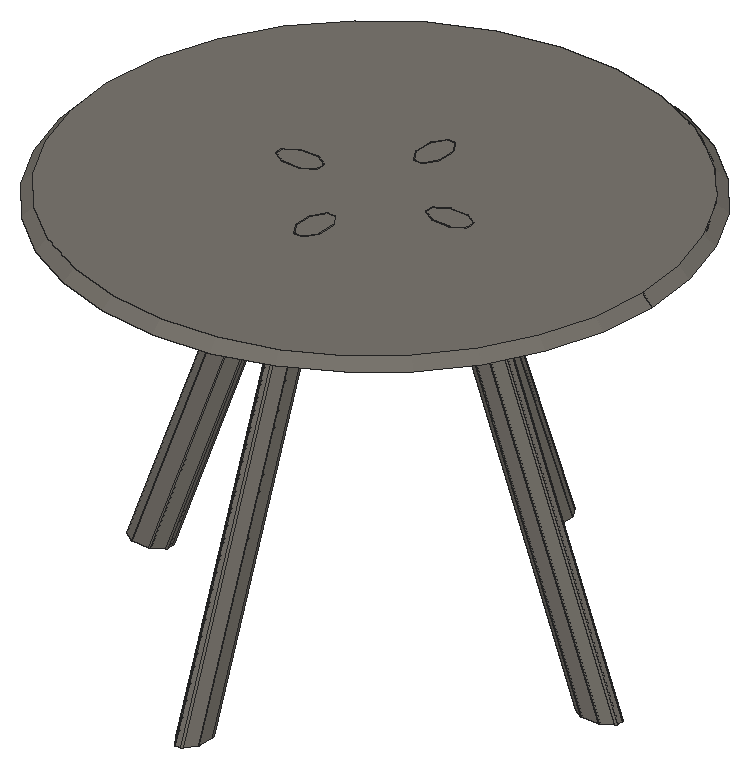
Revit family "Table-Work-Teknion-STBSR_Qui_Without_Power-R2014", category Furniture, Revit 2014 (continued)
Definition of nested family "Table-Work-Teknion-STBSR_Square_Qui-R2013"
  Automatic sketch dimensions
    Blend 7 sketch curve to Blend 7 sketch curve = 0.74357"  (x4)
    Blend 7 sketch curve to Blend 7 sketch curve = 0.07277"  (x5)
    Blend 7 sketch curve to Blend 7 sketch curve = 0.76393"  (x4)
    Blend 7 sketch curve to Blend 7 sketch curve = 0.14626"  (x5)
    Blend 7 sketch curve to Blend 7 sketch curve = 0.10607"  (x7)
    Blend 7 sketch curve to Blend 7 sketch curve = 0.03329"  (x4)
    plane 1 "Center F/B" to Blend 7 sketch curve = 4.76418"
    Blend 7 sketch curve to plane 3 "Center L/R" = 6.99659"
    Blend 7 sketch curve to plane 3 "Center L/R" = 5.72184"
    Blend 7 sketch curve to plane 3 "Center L/R" = 5.79461"
    Blend 7 sketch curve to plane 3 "Center L/R" = 6.55854"
Definition of nested family "Table-Work-Teknion-STBSR_Round_Qui-R2013"
  Parameters (values of type "25.5" High")
    Width = Diameter  # 36.000"
    Warranty = "http://www.teknionstudio.com/pdfs/Teknion%20Studio%20Warranty.pdf"
    Unit Weight = 0.00 lbf
    URL = "www.teknionstudio.com"
    Table Finish [instance] = none
    Series = "Studio"
    Radius 4 = 8.175"
    Radius 3 = 7.175"
    Radius 2 = Radius - 0.625"  # 17.375"
    Radius = Diameter / 2  # 18.000"
    Product Line = "Qui"
    Product Documentation Link = "http://www.teknionstudio.com/pricing/STBSR_ppg.pdf"
    Part Number = "STBSR"
    Model = "STBSRB25"
    Manufacturer Phone = "919-464-2920"
    Manufacturer Fax = "919-464-2927"
    Manufacturer Email = "customersupport@teknionstudio.com"
    Manufacturer Address = "3941 US 70 Business HWY West, Clayton, NC 27520"
    Manufacturer = "Teknion Studio"
    Low Emitting Material = yes
    Low Emitting Finish = yes
    Height = 25.500"
    Diameter = 36.000"
    Description = "Qui Work Table, Round 36\"dia / 91cm, 25.5\"h / 65 cm"
    Depth = Diameter  # 36.000"
    Assembly Code = "E2020200"
  Reference planes (in)
    plane 1 "Center F/B": y = 0
    plane 2: z = 0
    plane 3 "Center L/R": x = 0
    plane 4 "Left": x = -18
    plane 5 "Right": x = 18
    plane 6 "Back": y = 18
    plane 7 "Front": y = -18
    plane 8 "Top": z = 25.5
    plane 9 "Table Base": z = 24.875
    plane 10 "Table Bottom": z = 23.375
    plane 11 "Leg Top": z = 25.525
  Forms (in)
    Blend 1, solid, material <- "Table Finish"
      base sketch origin (0, 0, 24.875) x (-1, 0, 0) y (0, -1, 0)
        loop
          circle (0, 0) r 18
      top sketch origin (0, 0, 25.5) x (-1, 0, 0) y (0, -1, 0)
        loop
          circle (0, 0) r 17.375
      from 0 to 0
    Blend 2, solid, material <- "Table Finish"
      base sketch origin (0, 0, 23.375) x (-1, 0, 0) y (0, -1, 0)
        loop
          circle (0, 0) r 7.175
      top sketch origin (0, 0, 23.375) x (-1, 0, 0) y (0, -1, 0)
        loop
          circle (0, 0) r 8.175
      from 0 to 1.5
    Blend 3, solid, material <- "Table Finish"
      base sketch origin (0, 0, 25.525) x (-0.707107, -0.707107, 0) y (0.707107, -0.707107, 0)
        loop
          arc (-9.49721, -9.23872) -> (-9.56171, -9.20066) -> (-9.63657, -9.19853) r 0.15
          line (-9.63657, -9.19853) -> (-10.4005, -9.37242)
          arc (-10.4005, -9.37242) -> (-10.43973, -9.38738) -> (-10.47328, -9.41262) r 0.15
          line (-10.47328, -9.41262) -> (-11.21685, -10.15619)
          arc (-11.21685, -10.15619) -> (-11.24209, -10.18973) -> (-11.25704, -10.22896) r 0.15
          line (-11.25704, -10.22896) -> (-11.43094, -10.99289)
          arc (-11.43094, -10.99289) -> (-11.4288, -11.06776) -> (-11.39074, -11.13225) r 0.15
          line (-11.39074, -11.13225) -> (-11.13225, -11.39074)
          arc (-11.13225, -11.39074) -> (-11.06776, -11.4288) -> (-10.99289, -11.43094) r 0.15
          line (-10.99289, -11.43094) -> (-10.22896, -11.25704)
          arc (-10.22896, -11.25704) -> (-10.18973, -11.24209) -> (-10.15619, -11.21685) r 0.15
          line (-10.15619, -11.21685) -> (-9.41262, -10.47328)
          arc (-9.41262, -10.47328) -> (-9.38738, -10.43973) -> (-9.37242, -10.4005) r 0.15
          line (-9.37242, -10.4005) -> (-9.19853, -9.63657)
          arc (-9.19853, -9.63657) -> (-9.20066, -9.56171) -> (-9.23872, -9.49721) r 0.15
          line (-9.23872, -9.49721) -> (-9.49721, -9.23872)
      top sketch origin (0, 0, 25.525) x (-0.707107, -0.707107, 0) y (0.707107, -0.707107, 0)
        loop
          arc (-2.61921, -2.36072) -> (-2.68371, -2.32266) -> (-2.75857, -2.32053) r 0.15
          line (-2.75857, -2.32053) -> (-3.5225, -2.49442)
          arc (-3.5225, -2.49442) -> (-3.56173, -2.50938) -> (-3.59528, -2.53461) r 0.15
          line (-3.59528, -2.53461) -> (-4.33885, -3.27819)
          arc (-4.33885, -3.27819) -> (-4.36409, -3.31173) -> (-4.37904, -3.35096) r 0.15
          line (-4.37904, -3.35096) -> (-4.55294, -4.11489)
          arc (-4.55294, -4.11489) -> (-4.5508, -4.18975) -> (-4.51274, -4.25425) r 0.15
          line (-4.51274, -4.25425) -> (-4.25425, -4.51274)
          arc (-4.25425, -4.51274) -> (-4.18975, -4.5508) -> (-4.11489, -4.55294) r 0.15
          line (-4.11489, -4.55294) -> (-3.35096, -4.37904)
          arc (-3.35096, -4.37904) -> (-3.31173, -4.36409) -> (-3.27819, -4.33885) r 0.15
          line (-3.27819, -4.33885) -> (-2.53461, -3.59528)
          arc (-2.53461, -3.59528) -> (-2.50938, -3.56173) -> (-2.49442, -3.5225) r 0.15
          line (-2.49442, -3.5225) -> (-2.32053, -2.75857)
          arc (-2.32053, -2.75857) -> (-2.32266, -2.68371) -> (-2.36072, -2.61921) r 0.15
          line (-2.36072, -2.61921) -> (-2.61921, -2.36072)
      from -25.525 to -0.025
    Blend 4, solid, material <- "Table Finish"
      base sketch origin (0, 0, 25.525) x (-0.707107, 0.707107, 0) y (-0.707107, -0.707107, 0)
        loop
          arc (-9.49721, -9.23872) -> (-9.56171, -9.20066) -> (-9.63657, -9.19853) r 0.15
          line (-9.63657, -9.19853) -> (-10.4005, -9.37242)
          arc (-10.4005, -9.37242) -> (-10.43973, -9.38738) -> (-10.47328, -9.41262) r 0.15
          line (-10.47328, -9.41262) -> (-11.21685, -10.15619)
          arc (-11.21685, -10.15619) -> (-11.24209, -10.18973) -> (-11.25704, -10.22896) r 0.15
          line (-11.25704, -10.22896) -> (-11.43094, -10.99289)
          arc (-11.43094, -10.99289) -> (-11.4288, -11.06776) -> (-11.39074, -11.13225) r 0.15
          line (-11.39074, -11.13225) -> (-11.13225, -11.39074)
          arc (-11.13225, -11.39074) -> (-11.06776, -11.4288) -> (-10.99289, -11.43094) r 0.15
          line (-10.99289, -11.43094) -> (-10.22896, -11.25704)
          arc (-10.22896, -11.25704) -> (-10.18973, -11.24209) -> (-10.15619, -11.21685) r 0.15
          line (-10.15619, -11.21685) -> (-9.41262, -10.47328)
          arc (-9.41262, -10.47328) -> (-9.38738, -10.43973) -> (-9.37242, -10.4005) r 0.15
          line (-9.37242, -10.4005) -> (-9.19853, -9.63657)
          arc (-9.19853, -9.63657) -> (-9.20066, -9.56171) -> (-9.23872, -9.49721) r 0.15
          line (-9.23872, -9.49721) -> (-9.49721, -9.23872)
      top sketch origin (0, 0, 25.525) x (-0.707107, 0.707107, 0) y (-0.707107, -0.707107, 0)
        loop
          arc (-2.61921, -2.36072) -> (-2.68371, -2.32266) -> (-2.75857, -2.32053) r 0.15
          line (-2.75857, -2.32053) -> (-3.5225, -2.49442)
          arc (-3.5225, -2.49442) -> (-3.56173, -2.50938) -> (-3.59528, -2.53461) r 0.15
          line (-3.59528, -2.53461) -> (-4.33885, -3.27819)
          arc (-4.33885, -3.27819) -> (-4.36409, -3.31173) -> (-4.37904, -3.35096) r 0.15
          line (-4.37904, -3.35096) -> (-4.55294, -4.11489)
          arc (-4.55294, -4.11489) -> (-4.5508, -4.18975) -> (-4.51274, -4.25425) r 0.15
          line (-4.51274, -4.25425) -> (-4.25425, -4.51274)
          arc (-4.25425, -4.51274) -> (-4.18975, -4.5508) -> (-4.11489, -4.55294) r 0.15
          line (-4.11489, -4.55294) -> (-3.35096, -4.37904)
          arc (-3.35096, -4.37904) -> (-3.31173, -4.36409) -> (-3.27819, -4.33885) r 0.15
          line (-3.27819, -4.33885) -> (-2.53461, -3.59528)
          arc (-2.53461, -3.59528) -> (-2.50938, -3.56173) -> (-2.49442, -3.5225) r 0.15
          line (-2.49442, -3.5225) -> (-2.32053, -2.75857)
          arc (-2.32053, -2.75857) -> (-2.32266, -2.68371) -> (-2.36072, -2.61921) r 0.15
          line (-2.36072, -2.61921) -> (-2.61921, -2.36072)
      from -25.525 to -0.025
    Blend 5, solid, material <- "Table Finish"
      base sketch origin (0, 0, 25.525) x (0.707107, 0.707107, 0) y (-0.707107, 0.707107, 0)
        loop
          arc (-9.49721, -9.23872) -> (-9.56171, -9.20066) -> (-9.63657, -9.19853) r 0.15
          line (-9.63657, -9.19853) -> (-10.4005, -9.37242)
          arc (-10.4005, -9.37242) -> (-10.43973, -9.38738) -> (-10.47328, -9.41262) r 0.15
          line (-10.47328, -9.41262) -> (-11.21685, -10.15619)
          arc (-11.21685, -10.15619) -> (-11.24209, -10.18973) -> (-11.25704, -10.22896) r 0.15
          line (-11.25704, -10.22896) -> (-11.43094, -10.99289)
          arc (-11.43094, -10.99289) -> (-11.4288, -11.06776) -> (-11.39074, -11.13225) r 0.15
          line (-11.39074, -11.13225) -> (-11.13225, -11.39074)
          arc (-11.13225, -11.39074) -> (-11.06776, -11.4288) -> (-10.99289, -11.43094) r 0.15
          line (-10.99289, -11.43094) -> (-10.22896, -11.25704)
          arc (-10.22896, -11.25704) -> (-10.18973, -11.24209) -> (-10.15619, -11.21685) r 0.15
          line (-10.15619, -11.21685) -> (-9.41262, -10.47328)
          arc (-9.41262, -10.47328) -> (-9.38738, -10.43973) -> (-9.37242, -10.4005) r 0.15
          line (-9.37242, -10.4005) -> (-9.19853, -9.63657)
          arc (-9.19853, -9.63657) -> (-9.20066, -9.56171) -> (-9.23872, -9.49721) r 0.15
          line (-9.23872, -9.49721) -> (-9.49721, -9.23872)
      top sketch origin (0, 0, 25.525) x (0.707107, 0.707107, 0) y (-0.707107, 0.707107, 0)
        loop
          arc (-2.61921, -2.36072) -> (-2.68371, -2.32266) -> (-2.75857, -2.32053) r 0.15
          line (-2.75857, -2.32053) -> (-3.5225, -2.49442)
          arc (-3.5225, -2.49442) -> (-3.56173, -2.50938) -> (-3.59528, -2.53461) r 0.15
          line (-3.59528, -2.53461) -> (-4.33885, -3.27819)
          arc (-4.33885, -3.27819) -> (-4.36409, -3.31173) -> (-4.37904, -3.35096) r 0.15
          line (-4.37904, -3.35096) -> (-4.55294, -4.11489)
          arc (-4.55294, -4.11489) -> (-4.5508, -4.18975) -> (-4.51274, -4.25425) r 0.15
          line (-4.51274, -4.25425) -> (-4.25425, -4.51274)
          arc (-4.25425, -4.51274) -> (-4.18975, -4.5508) -> (-4.11489, -4.55294) r 0.15
          line (-4.11489, -4.55294) -> (-3.35096, -4.37904)
          arc (-3.35096, -4.37904) -> (-3.31173, -4.36409) -> (-3.27819, -4.33885) r 0.15
          line (-3.27819, -4.33885) -> (-2.53461, -3.59528)
          arc (-2.53461, -3.59528) -> (-2.50938, -3.56173) -> (-2.49442, -3.5225) r 0.15
          line (-2.49442, -3.5225) -> (-2.32053, -2.75857)
          arc (-2.32053, -2.75857) -> (-2.32266, -2.68371) -> (-2.36072, -2.61921) r 0.15
          line (-2.36072, -2.61921) -> (-2.61921, -2.36072)
      from -25.525 to -0.025
    Blend 6, solid, material <- "Table Finish"
      base sketch origin (0, 0, 25.525) x (0.707107, -0.707107, 0) y (0.707107, 0.707107, 0)
        loop
          arc (-9.49721, -9.23872) -> (-9.56171, -9.20066) -> (-9.63657, -9.19853) r 0.15
          line (-9.63657, -9.19853) -> (-10.4005, -9.37242)
          arc (-10.4005, -9.37242) -> (-10.43973, -9.38738) -> (-10.47328, -9.41262) r 0.15
          line (-10.47328, -9.41262) -> (-11.21685, -10.15619)
          arc (-11.21685, -10.15619) -> (-11.24209, -10.18973) -> (-11.25704, -10.22896) r 0.15
          line (-11.25704, -10.22896) -> (-11.43094, -10.99289)
          arc (-11.43094, -10.99289) -> (-11.4288, -11.06776) -> (-11.39074, -11.13225) r 0.15
          line (-11.39074, -11.13225) -> (-11.13225, -11.39074)
          arc (-11.13225, -11.39074) -> (-11.06776, -11.4288) -> (-10.99289, -11.43094) r 0.15
          line (-10.99289, -11.43094) -> (-10.22896, -11.25704)
          arc (-10.22896, -11.25704) -> (-10.18973, -11.24209) -> (-10.15619, -11.21685) r 0.15
          line (-10.15619, -11.21685) -> (-9.41262, -10.47328)
          arc (-9.41262, -10.47328) -> (-9.38738, -10.43973) -> (-9.37242, -10.4005) r 0.15
          line (-9.37242, -10.4005) -> (-9.19853, -9.63657)
          arc (-9.19853, -9.63657) -> (-9.20066, -9.56171) -> (-9.23872, -9.49721) r 0.15
          line (-9.23872, -9.49721) -> (-9.49721, -9.23872)
      top sketch origin (0, 0, 25.525) x (0.707107, -0.707107, 0) y (0.707107, 0.707107, 0)
        loop
          arc (-2.61921, -2.36072) -> (-2.68371, -2.32266) -> (-2.75857, -2.32053) r 0.15
          line (-2.75857, -2.32053) -> (-3.5225, -2.49442)
          arc (-3.5225, -2.49442) -> (-3.56173, -2.50938) -> (-3.59528, -2.53461) r 0.15
          line (-3.59528, -2.53461) -> (-4.33885, -3.27819)
          arc (-4.33885, -3.27819) -> (-4.36409, -3.31173) -> (-4.37904, -3.35096) r 0.15
          line (-4.37904, -3.35096) -> (-4.55294, -4.11489)
          arc (-4.55294, -4.11489) -> (-4.5508, -4.18975) -> (-4.51274, -4.25425) r 0.15
          line (-4.51274, -4.25425) -> (-4.25425, -4.51274)
          arc (-4.25425, -4.51274) -> (-4.18975, -4.5508) -> (-4.11489, -4.55294) r 0.15
          line (-4.11489, -4.55294) -> (-3.35096, -4.37904)
          arc (-3.35096, -4.37904) -> (-3.31173, -4.36409) -> (-3.27819, -4.33885) r 0.15
          line (-3.27819, -4.33885) -> (-2.53461, -3.59528)
          arc (-2.53461, -3.59528) -> (-2.50938, -3.56173) -> (-2.49442, -3.5225) r 0.15
          line (-2.49442, -3.5225) -> (-2.32053, -2.75857)
          arc (-2.32053, -2.75857) -> (-2.32266, -2.68371) -> (-2.36072, -2.61921) r 0.15
          line (-2.36072, -2.61921) -> (-2.61921, -2.36072)
      from -25.525 to -0.025
    Sweep 7, void
      path origin (0, 0, 0) x (1, 0, 0) y (0, 0, 1)
        loop
          line (0, 25.5) -> (0, 25.25)
      profile origin (0, 0, 25.375) x (0, -1, 0) y (1, 0, 0)
        loop
          line (-6.1376, -0.32328) -> (-5.47445, -0.7405)
          arc (-5.47445, -0.7405) -> (-5.43206, -0.7595) -> (-5.38606, -0.766) r 0.166
          line (-5.38606, -0.766) -> (-4.33449, -0.766)
          arc (-4.33449, -0.766) -> (-4.28849, -0.7595) -> (-4.24609, -0.7405) r 0.166
          line (-4.24609, -0.7405) -> (-3.58294, -0.32328)
          arc (-3.58294, -0.32328) -> (-3.52603, -0.26303) -> (-3.50534, -0.18278) r 0.166
          line (-3.50534, -0.18278) -> (-3.50534, 0.18278)
          arc (-3.50534, 0.18278) -> (-3.52603, 0.26303) -> (-3.58294, 0.32328) r 0.166
          line (-3.58294, 0.32328) -> (-4.24609, 0.7405)
          arc (-4.24609, 0.7405) -> (-4.28849, 0.7595) -> (-4.33449, 0.766) r 0.166
          line (-4.33449, 0.766) -> (-5.38606, 0.766)
          arc (-5.38606, 0.766) -> (-5.43206, 0.7595) -> (-5.47445, 0.7405) r 0.166
          line (-5.47445, 0.7405) -> (-6.1376, 0.32328)
          arc (-6.1376, 0.32328) -> (-6.19451, 0.26303) -> (-6.2152, 0.18278) r 0.166
          line (-6.2152, 0.18278) -> (-6.2152, -0.18278)
          arc (-6.2152, -0.18278) -> (-6.19451, -0.26303) -> (-6.1376, -0.32328) r 0.166
        loop
          line (-0.7405, -5.47445) -> (-0.32328, -6.1376)
          arc (-0.32328, -6.1376) -> (-0.26303, -6.19451) -> (-0.18278, -6.2152) r 0.166
          line (-0.18278, -6.2152) -> (0.18278, -6.2152)
          arc (0.18278, -6.2152) -> (0.26303, -6.19451) -> (0.32328, -6.1376) r 0.166
          line (0.32328, -6.1376) -> (0.7405, -5.47445)
          arc (0.7405, -5.47445) -> (0.7595, -5.43206) -> (0.766, -5.38606) r 0.166
          line (0.766, -5.38606) -> (0.766, -4.33449)
          arc (0.766, -4.33449) -> (0.7595, -4.28849) -> (0.7405, -4.24609) r 0.166
          line (0.7405, -4.24609) -> (0.32328, -3.58294)
          arc (0.32328, -3.58294) -> (0.26303, -3.52603) -> (0.18278, -3.50534) r 0.166
          line (0.18278, -3.50534) -> (-0.18278, -3.50534)
          arc (-0.18278, -3.50534) -> (-0.26303, -3.52603) -> (-0.32328, -3.58294) r 0.166
          line (-0.32328, -3.58294) -> (-0.7405, -4.24609)
          arc (-0.7405, -4.24609) -> (-0.7595, -4.28849) -> (-0.766, -4.33449) r 0.166
          line (-0.766, -4.33449) -> (-0.766, -5.38606)
          arc (-0.766, -5.38606) -> (-0.7595, -5.43206) -> (-0.7405, -5.47445) r 0.166
        loop
          line (0.18278, 6.2152) -> (-0.18278, 6.2152)
          arc (-0.18278, 6.2152) -> (-0.26303, 6.19451) -> (-0.32328, 6.1376) r 0.166
          line (-0.32328, 6.1376) -> (-0.7405, 5.47445)
          arc (-0.7405, 5.47445) -> (-0.7595, 5.43206) -> (-0.766, 5.38606) r 0.166
          line (-0.766, 5.38606) -> (-0.766, 4.33449)
          arc (-0.766, 4.33449) -> (-0.7595, 4.28849) -> (-0.7405, 4.24609) r 0.166
          line (-0.7405, 4.24609) -> (-0.32328, 3.58294)
          arc (-0.32328, 3.58294) -> (-0.26303, 3.52603) -> (-0.18278, 3.50534) r 0.166
          line (-0.18278, 3.50534) -> (0.18278, 3.50534)
          arc (0.18278, 3.50534) -> (0.26303, 3.52603) -> (0.32328, 3.58294) r 0.166
          line (0.32328, 3.58294) -> (0.7405, 4.24609)
          arc (0.7405, 4.24609) -> (0.7595, 4.28849) -> (0.766, 4.33449) r 0.166
          line (0.766, 4.33449) -> (0.766, 5.38606)
          arc (0.766, 5.38606) -> (0.7595, 5.43206) -> (0.7405, 5.47445) r 0.166
          line (0.7405, 5.47445) -> (0.32328, 6.1376)
          arc (0.32328, 6.1376) -> (0.26303, 6.19451) -> (0.18278, 6.2152) r 0.166
        loop
          arc (3.58294, 0.32328) -> (3.52603, 0.26303) -> (3.50534, 0.18278) r 0.166
          line (3.50534, 0.18278) -> (3.50534, -0.18278)
          arc (3.50534, -0.18278) -> (3.52603, -0.26303) -> (3.58294, -0.32328) r 0.166
          line (3.58294, -0.32328) -> (4.24609, -0.7405)
          arc (4.24609, -0.7405) -> (4.28849, -0.7595) -> (4.33449, -0.766) r 0.166
          line (4.33449, -0.766) -> (5.38606, -0.766)
          arc (5.38606, -0.766) -> (5.43206, -0.7595) -> (5.47445, -0.7405) r 0.166
          line (5.47445, -0.7405) -> (6.1376, -0.32328)
          arc (6.1376, -0.32328) -> (6.19451, -0.26303) -> (6.2152, -0.18278) r 0.166
          line (6.2152, -0.18278) -> (6.2152, 0.18278)
          arc (6.2152, 0.18278) -> (6.19451, 0.26303) -> (6.1376, 0.32328) r 0.166
          line (6.1376, 0.32328) -> (5.47445, 0.7405)
          arc (5.47445, 0.7405) -> (5.43206, 0.7595) -> (5.38606, 0.766) r 0.166
          line (5.38606, 0.766) -> (4.33449, 0.766)
          arc (4.33449, 0.766) -> (4.28849, 0.7595) -> (4.24609, 0.7405) r 0.166
          line (4.24609, 0.7405) -> (3.58294, 0.32328)
  Cuts and joins
    Sweep 7 cuts Blend 1
  Lines and regions (in)
    Masking region 1
      outline origin (0, 0, 25.525) x (0, -1, 0) y (1, 0, 0)
        loop
          circle (0, 0) r 18
    symbolic lines, style "Hidden Lines", detail levels medium+fine
      curve 1: line (0.18278, 6.1992, 25.525) -> (-0.18278, 6.1992, 25.525)
      curve 2: arc (0.30974, 6.12908, 25.525) -> (0.2553, 6.18051, 25.525) -> (0.18278, 6.1992, 25.525) r 0.15
      curve 3: line (0.72696, 5.46593, 25.525) -> (0.30974, 6.12908, 25.525)
      curve 4: arc (0.75, 5.38606, 25.525) -> (0.74413, 5.42762, 25.525) -> (0.72696, 5.46593, 25.525) r 0.15
      curve 5: line (0.75, 4.33449, 25.525) -> (0.75, 5.38606, 25.525)
      curve 6: arc (0.72696, 4.25461, 25.525) -> (0.74413, 4.29292, 25.525) -> (0.75, 4.33449, 25.525) r 0.15
      curve 7: line (0.30974, 3.59146, 25.525) -> (0.72696, 4.25461, 25.525)
      curve 8: arc (0.18278, 3.52134, 25.525) -> (0.2553, 3.54004, 25.525) -> (0.30974, 3.59146, 25.525) r 0.15
      curve 9: line (-0.18278, 3.52134, 25.525) -> (0.18278, 3.52134, 25.525)
      curve 10: arc (-0.30974, 3.59146, 25.525) -> (-0.2553, 3.54004, 25.525) -> (-0.18278, 3.52134, 25.525) r 0.15
      curve 11: line (-0.72696, 4.25461, 25.525) -> (-0.30974, 3.59146, 25.525)
      curve 12: arc (-0.75, 4.33449, 25.525) -> (-0.74413, 4.29292, 25.525) -> (-0.72696, 4.25461, 25.525) r 0.15
      curve 13: line (-0.75, 5.38606, 25.525) -> (-0.75, 4.33449, 25.525)
      curve 14: arc (-0.72696, 5.46593, 25.525) -> (-0.74413, 5.42762, 25.525) -> (-0.75, 5.38606, 25.525) r 0.15
      curve 15: line (-0.30974, 6.12908, 25.525) -> (-0.72696, 5.46593, 25.525)
      curve 16: arc (-0.18278, 6.1992, 25.525) -> (-0.2553, 6.18051, 25.525) -> (-0.30974, 6.12908, 25.525) r 0.15
      curve 17: line (5.38606, 0.75, 25.525) -> (4.33449, 0.75, 25.525)
      curve 18: arc (5.46593, 0.72696, 25.525) -> (5.42762, 0.74413, 25.525) -> (5.38606, 0.75, 25.525) r 0.15
      curve 19: line (6.12908, 0.30974, 25.525) -> (5.46593, 0.72696, 25.525)
      curve 20: arc (6.1992, 0.18278, 25.525) -> (6.18051, 0.2553, 25.525) -> (6.12908, 0.30974, 25.525) r 0.15
      curve 21: line (6.1992, -0.18278, 25.525) -> (6.1992, 0.18278, 25.525)
      curve 22: arc (6.12908, -0.30974, 25.525) -> (6.18051, -0.2553, 25.525) -> (6.1992, -0.18278, 25.525) r 0.15
      curve 23: line (5.46593, -0.72696, 25.525) -> (6.12908, -0.30974, 25.525)
      curve 24: arc (5.38606, -0.75, 25.525) -> (5.42762, -0.74413, 25.525) -> (5.46593, -0.72696, 25.525) r 0.15
      curve 25: line (4.33449, -0.75, 25.525) -> (5.38606, -0.75, 25.525)
      curve 26: arc (4.25461, -0.72696, 25.525) -> (4.29292, -0.74413, 25.525) -> (4.33449, -0.75, 25.525) r 0.15
      curve 27: line (3.59146, -0.30974, 25.525) -> (4.25461, -0.72696, 25.525)
      curve 28: arc (3.52134, -0.18278, 25.525) -> (3.54004, -0.2553, 25.525) -> (3.59146, -0.30974, 25.525) r 0.15
      curve 29: line (3.52134, 0.18278, 25.525) -> (3.52134, -0.18278, 25.525)
      curve 30: arc (3.59146, 0.30974, 25.525) -> (3.54004, 0.2553, 25.525) -> (3.52134, 0.18278, 25.525) r 0.15
      curve 31: line (4.25461, 0.72696, 25.525) -> (3.59146, 0.30974, 25.525)
      curve 32: arc (4.33449, 0.75, 25.525) -> (4.29292, 0.74413, 25.525) -> (4.25461, 0.72696, 25.525) r 0.15
      curve 33: line (0.18278, -3.52134, 25.525) -> (-0.18278, -3.52134, 25.525)
      curve 34: arc (0.30974, -3.59146, 25.525) -> (0.2553, -3.54004, 25.525) -> (0.18278, -3.52134, 25.525) r 0.15
      curve 35: line (0.72696, -4.25461, 25.525) -> (0.30974, -3.59146, 25.525)
      curve 36: arc (0.75, -4.33449, 25.525) -> (0.74413, -4.29292, 25.525) -> (0.72696, -4.25461, 25.525) r 0.15
      curve 37: line (0.75, -5.38606, 25.525) -> (0.75, -4.33449, 25.525)
      curve 38: arc (0.72696, -5.46593, 25.525) -> (0.74413, -5.42762, 25.525) -> (0.75, -5.38606, 25.525) r 0.15
      curve 39: line (0.30974, -6.12908, 25.525) -> (0.72696, -5.46593, 25.525)
      curve 40: arc (0.18278, -6.1992, 25.525) -> (0.2553, -6.18051, 25.525) -> (0.30974, -6.12908, 25.525) r 0.15
      curve 41: line (-0.18278, -6.1992, 25.525) -> (0.18278, -6.1992, 25.525)
      curve 42: arc (-0.30974, -6.12908, 25.525) -> (-0.2553, -6.18051, 25.525) -> (-0.18278, -6.1992, 25.525) r 0.15
      curve 43: line (-0.72696, -5.46593, 25.525) -> (-0.30974, -6.12908, 25.525)
      curve 44: arc (-0.75, -5.38606, 25.525) -> (-0.74413, -5.42762, 25.525) -> (-0.72696, -5.46593, 25.525) r 0.15
      curve 45: line (-0.75, -4.33449, 25.525) -> (-0.75, -5.38606, 25.525)
      curve 46: arc (-0.72696, -4.25461, 25.525) -> (-0.74413, -4.29292, 25.525) -> (-0.75, -4.33449, 25.525) r 0.15
      curve 47: line (-0.30974, -3.59146, 25.525) -> (-0.72696, -4.25461, 25.525)
      curve 48: arc (-0.18278, -3.52134, 25.525) -> (-0.2553, -3.54004, 25.525) -> (-0.30974, -3.59146, 25.525) r 0.15
      curve 49: line (-3.52134, -0.18278, 25.525) -> (-3.52134, 0.18278, 25.525)
      curve 50: arc (-3.59146, -0.30974, 25.525) -> (-3.54004, -0.2553, 25.525) -> (-3.52134, -0.18278, 25.525) r 0.15
      curve 51: line (-4.25461, -0.72696, 25.525) -> (-3.59146, -0.30974, 25.525)
      curve 52: arc (-4.33449, -0.75, 25.525) -> (-4.29292, -0.74413, 25.525) -> (-4.25461, -0.72696, 25.525) r 0.15
      curve 53: line (-5.38606, -0.75, 25.525) -> (-4.33449, -0.75, 25.525)
      curve 54: arc (-5.46593, -0.72696, 25.525) -> (-5.42762, -0.74413, 25.525) -> (-5.38606, -0.75, 25.525) r 0.15
      curve 55: line (-6.12908, -0.30974, 25.525) -> (-5.46593, -0.72696, 25.525)
      curve 56: arc (-6.1992, -0.18278, 25.525) -> (-6.18051, -0.2553, 25.525) -> (-6.12908, -0.30974, 25.525) r 0.15
      curve 57: line (-6.1992, 0.18278, 25.525) -> (-6.1992, -0.18278, 25.525)
      curve 58: arc (-6.12908, 0.30974, 25.525) -> (-6.18051, 0.2553, 25.525) -> (-6.1992, 0.18278, 25.525) r 0.15
      curve 59: line (-5.46593, 0.72696, 25.525) -> (-6.12908, 0.30974, 25.525)
      curve 60: arc (-5.38606, 0.75, 25.525) -> (-5.42762, 0.74413, 25.525) -> (-5.46593, 0.72696, 25.525) r 0.15
      curve 61: line (-4.33449, 0.75, 25.525) -> (-5.38606, 0.75, 25.525)
      curve 62: arc (-4.25461, 0.72696, 25.525) -> (-4.29292, 0.74413, 25.525) -> (-4.33449, 0.75, 25.525) r 0.15
      curve 63: line (-3.59146, 0.30974, 25.525) -> (-4.25461, 0.72696, 25.525)
      curve 64: arc (-3.52134, 0.18278, 25.525) -> (-3.54004, 0.2553, 25.525) -> (-3.59146, 0.30974, 25.525) r 0.15
    symbolic lines, style "Hidden Lines", detail levels fine
      curve 65: line (5.42932, 0.75, 25.525) -> (15.11302, 0.75, 25.525)
      curve 66: line (15.11302, -0.75, 25.525) -> (5.38606, -0.75, 25.525)
      curve 67: arc (15.11302, 0.75, 25.525) -> (15.15458, 0.74413, 25.525) -> (15.1929, 0.72696, 25.525) r 0.15
      curve 68: line (15.1929, 0.72696, 25.525) -> (15.85604, 0.30974, 25.525)
      curve 69: arc (15.85604, 0.30974, 25.525) -> (15.90747, 0.2553, 25.525) -> (15.92616, 0.18278, 25.525) r 0.15
      curve 70: line (15.92616, 0.18278, 25.525) -> (15.92616, -0.18278, 25.525)
      curve 71: arc (15.92616, -0.18278, 25.525) -> (15.90747, -0.2553, 25.525) -> (15.85604, -0.30974, 25.525) r 0.15
      curve 72: line (15.85604, -0.30974, 25.525) -> (15.1929, -0.72696, 25.525)
      curve 73: arc (15.1929, -0.72696, 25.525) -> (15.15458, -0.74413, 25.525) -> (15.11302, -0.75, 25.525) r 0.15
      curve 74: arc (14.06145, -0.75, 25.525) -> (14.01988, -0.74413, 25.525) -> (13.98157, -0.72696, 25.525) r 0.15
      curve 75: line (13.98157, -0.72696, 25.525) -> (13.31842, -0.30974, 25.525)
      curve 76: arc (13.31842, -0.30974, 25.525) -> (13.267, -0.2553, 25.525) -> (13.2483, -0.18278, 25.525) r 0.15
      curve 77: line (13.2483, -0.18278, 25.525) -> (13.2483, 0.18278, 25.525)
      curve 78: arc (13.2483, 0.18278, 25.525) -> (13.267, 0.2553, 25.525) -> (13.31842, 0.30974, 25.525) r 0.15
      curve 79: line (13.31842, 0.30974, 25.525) -> (13.98157, 0.72696, 25.525)
      curve 80: arc (13.98157, 0.72696, 25.525) -> (14.01988, 0.74413, 25.525) -> (14.06145, 0.75, 25.525) r 0.15
      curve 81: line (0.75, -5.38606, 25.525) -> (0.75, -15.11302, 25.525)
      curve 82: arc (0.75, -15.11302, 25.525) -> (0.74413, -15.15458, 25.525) -> (0.72696, -15.1929, 25.525) r 0.15
      curve 83: line (0.72696, -15.1929, 25.525) -> (0.30974, -15.85604, 25.525)
      curve 84: arc (0.30974, -15.85604, 25.525) -> (0.2553, -15.90747, 25.525) -> (0.18278, -15.92616, 25.525) r 0.15
      curve 85: line (0.18278, -15.92616, 25.525) -> (-0.18278, -15.92616, 25.525)
      curve 86: arc (-0.18278, -15.92616, 25.525) -> (-0.2553, -15.90747, 25.525) -> (-0.30974, -15.85604, 25.525) r 0.15
      curve 87: line (-0.30974, -15.85604, 25.525) -> (-0.72696, -15.1929, 25.525)
      curve 88: arc (-0.72696, -15.1929, 25.525) -> (-0.74413, -15.15458, 25.525) -> (-0.75, -15.11302, 25.525) r 0.15
      curve 89: line (-0.75, -15.11302, 25.525) -> (-0.75, -5.38606, 25.525)
      curve 90: arc (-0.75, -14.06145, 25.525) -> (-0.74413, -14.01988, 25.525) -> (-0.72696, -13.98157, 25.525) r 0.15
      curve 91: line (-0.72696, -13.98157, 25.525) -> (-0.30974, -13.31842, 25.525)
      curve 92: arc (-0.30974, -13.31842, 25.525) -> (-0.2553, -13.267, 25.525) -> (-0.18278, -13.2483, 25.525) r 0.15
      curve 93: line (-0.18278, -13.2483, 25.525) -> (0.18278, -13.2483, 25.525)
      curve 94: arc (0.18278, -13.2483, 25.525) -> (0.2553, -13.267, 25.525) -> (0.30974, -13.31842, 25.525) r 0.15
      curve 95: line (0.30974, -13.31842, 25.525) -> (0.72696, -13.98157, 25.525)
      curve 96: arc (0.72696, -13.98157, 25.525) -> (0.74413, -14.01988, 25.525) -> (0.75, -14.06145, 25.525) r 0.15
      curve 97: line (-15.11302, 0.75, 25.525) -> (-5.38606, 0.75, 25.525)
      curve 98: line (-5.38606, -0.75, 25.525) -> (-15.11302, -0.75, 25.525)
      curve 99: arc (-15.11302, -0.75, 25.525) -> (-15.15458, -0.74413, 25.525) -> (-15.1929, -0.72696, 25.525) r 0.15
      curve 100: line (-15.1929, -0.72696, 25.525) -> (-15.85604, -0.30974, 25.525)
      curve 101: arc (-15.85604, -0.30974, 25.525) -> (-15.90747, -0.2553, 25.525) -> (-15.92616, -0.18278, 25.525) r 0.15
      curve 102: line (-15.92616, -0.18278, 25.525) -> (-15.92616, 0.18278, 25.525)
      curve 103: arc (-15.92616, 0.18278, 25.525) -> (-15.90747, 0.2553, 25.525) -> (-15.85604, 0.30974, 25.525) r 0.15
      curve 104: line (-15.85604, 0.30974, 25.525) -> (-15.1929, 0.72696, 25.525)
      curve 105: arc (-15.1929, 0.72696, 25.525) -> (-15.15458, 0.74413, 25.525) -> (-15.11302, 0.75, 25.525) r 0.15
      curve 106: arc (-14.06145, 0.75, 25.525) -> (-14.01988, 0.74413, 25.525) -> (-13.98157, 0.72696, 25.525) r 0.15
      curve 107: line (-13.98157, 0.72696, 25.525) -> (-13.31842, 0.30974, 25.525)
      curve 108: arc (-13.31842, 0.30974, 25.525) -> (-13.267, 0.2553, 25.525) -> (-13.2483, 0.18278, 25.525) r 0.15
      curve 109: line (-13.2483, 0.18278, 25.525) -> (-13.2483, -0.18278, 25.525)
      curve 110: arc (-13.2483, -0.18278, 25.525) -> (-13.267, -0.2553, 25.525) -> (-13.31842, -0.30974, 25.525) r 0.15
      curve 111: line (-13.31842, -0.30974, 25.525) -> (-13.98157, -0.72696, 25.525)
      curve 112: arc (-13.98157, -0.72696, 25.525) -> (-14.01988, -0.74413, 25.525) -> (-14.06145, -0.75, 25.525) r 0.15
      curve 113: line (0.72696, 13.98157, 25.525) -> (0.30974, 13.31842, 25.525)
      curve 114: arc (0.30974, 13.31842, 25.525) -> (0.2553, 13.267, 25.525) -> (0.18278, 13.2483, 25.525) r 0.15
      curve 115: line (0.18278, 13.2483, 25.525) -> (-0.18278, 13.2483, 25.525)
      curve 116: arc (-0.18278, 13.2483, 25.525) -> (-0.2553, 13.267, 25.525) -> (-0.30974, 13.31842, 25.525) r 0.15
      curve 117: line (-0.30974, 13.31842, 25.525) -> (-0.72696, 13.98157, 25.525)
      curve 118: arc (-0.72696, 13.98157, 25.525) -> (-0.74413, 14.01988, 25.525) -> (-0.75, 14.06145, 25.525) r 0.15
      curve 119: line (-0.75, 5.42932, 25.525) -> (-0.75, 15.11302, 25.525)
      curve 120: arc (-0.75, 15.11302, 25.525) -> (-0.74413, 15.15458, 25.525) -> (-0.72696, 15.1929, 25.525) r 0.15
      curve 121: line (-0.72696, 15.1929, 25.525) -> (-0.30974, 15.85604, 25.525)
      curve 122: arc (-0.30974, 15.85604, 25.525) -> (-0.2553, 15.90747, 25.525) -> (-0.18278, 15.92616, 25.525) r 0.15
      curve 123: line (-0.18278, 15.92616, 25.525) -> (0.18278, 15.92616, 25.525)
      curve 124: arc (0.18278, 15.92616, 25.525) -> (0.2553, 15.90747, 25.525) -> (0.30974, 15.85604, 25.525) r 0.15
      curve 125: line (0.30974, 15.85604, 25.525) -> (0.72696, 15.1929, 25.525)
      curve 126: arc (0.72696, 15.1929, 25.525) -> (0.74413, 15.15458, 25.525) -> (0.75, 15.11302, 25.525) r 0.15
      curve 127: line (0.75, 15.11302, 25.525) -> (0.75, 5.38606, 25.525)
      curve 128: arc (0.75, 14.06145, 25.525) -> (0.74413, 14.01988, 25.525) -> (0.72696, 13.98157, 25.525) r 0.15
      curve 129: circle (0, 0, 25.525) r 8.175 normal (0, 0, 1)
      curve 130: circle (0, 0, 25.525) r 7.175 normal (0, 0, -1)
    symbolic lines, detail levels medium+fine
      curve 131: circle (0, 0, 25.525) r 17.375 normal (0, 0, 1)
  Dimensions and locks (in)
    "Height": plane 8 "Top" to plane 2
    equal spacing: plane 4 "Left", plane 3 "Center L/R", plane 5 "Right"
    "Width": plane 4 "Left" to plane 5 "Right"
    equal spacing: plane 6 "Back", plane 1 "Center F/B", plane 7 "Front"
    "Depth": plane 6 "Back" to plane 7 "Front"
    plane 8 "Top" to plane 9 "Table Base" to plane 10 "Table Bottom" = 0.625" locked, 1.500" locked
    locked: plane 11 "Leg Top" to plane 8 "Top" at 0.025
    locked: Blend 3 sketch curve to Blend 3 sketch curve at 2.67786  (x2)
    locked: Blend 3 sketch curve to Blend 3 sketch curve at 1.5  (x2)
    locked: Blend 3 sketch curve to Blend 3 sketch curve at 1.87568  (x4)
    locked: Blend 4 sketch curve to Blend 4 sketch curve at 2.67786  (x2)
    locked: Blend 4 sketch curve to Blend 4 sketch curve at 1.5  (x2)
    locked: Blend 4 sketch curve to Blend 4 sketch curve at 1.87568  (x4)
    locked: Blend 5 sketch curve to Blend 5 sketch curve at 2.67786  (x2)
    locked: Blend 5 sketch curve to Blend 5 sketch curve at 1.5  (x2)
    locked: Blend 5 sketch curve to Blend 5 sketch curve at 1.87568  (x4)
    locked: Blend 6 sketch curve to Blend 6 sketch curve at 2.67786  (x2)
    locked: Blend 6 sketch curve to Blend 6 sketch curve at 1.5  (x2)
    locked: Blend 6 sketch curve to Blend 6 sketch curve at 1.87568  (x4)
    locked: Blend 3 sketch curve to plane 3 "Center L/R" at 13.2483
    locked: Blend 3 sketch curve to plane 3 "Center L/R" at 0.75
    locked: Blend 4 sketch curve to plane 3 "Center L/R" at 13.2483
    locked: Blend 4 sketch curve to plane 3 "Center L/R" at 0.75
    locked: Blend 5 sketch curve to plane 3 "Center L/R" at 13.2483
    locked: Blend 5 sketch curve to plane 3 "Center L/R" at 0.75
    locked: Blend 6 sketch curve to plane 3 "Center L/R" at 13.2483
    locked: Blend 6 sketch curve to plane 3 "Center L/R" at 0.75
    locked: plane 8 "Top" to Sweep 7 sketch curve at 0.25
    Sweep 7 sketch curve to Sweep 7 sketch curve to Sweep 7 sketch curve to plane 3 "Center L/R" to Sweep 7 sketch curve to Sweep 7 sketch curve to Sweep 7 sketch curve = 2.70986" locked, 2.73934" locked, 0.766" locked, 0.766" locked, 2.73934" locked, 2.70986" locked
    Sweep 7 sketch curve to Sweep 7 sketch curve to plane 1 "Center F/B" to Sweep 7 sketch curve to Sweep 7 sketch curve = 2.70986" locked, 3.50534" locked, 3.50534" locked, 2.70986" locked
    "Radius": radius of Blend 1 sketch curve
    "Radius 2": radius of Blend 1 sketch curve
    "Radius": radius of Masking region 1 sketch curve
    "Radius 3": radius of Blend 2 sketch curve
    "Radius 4": radius of Blend 2 sketch curve
    aligned and locked: level to plane 2
    aligned and locked: plane 8 "Top" to Blend 1
    aligned and locked: Blend 1 to plane 9 "Table Base"
    aligned and locked: Blend 2 to plane 10 "Table Bottom"
    aligned and locked: plane 9 "Table Base" to Blend 2
    aligned and locked: Blend 6 to plane 2
    aligned and locked: Blend 3 to plane 2
    aligned and locked: Blend 5 to plane 2
    aligned and locked: Blend 4 to plane 2
    aligned and locked: Blend 4 to curve 17
    aligned and locked: Blend 4 to curve 25
    aligned and locked: curve 66 to Blend 4
    aligned and locked: Blend 3 to curve 13
    aligned and locked: Blend 3 to curve 5
    aligned and locked: curve 127 to Blend 3
    aligned and locked: Blend 6 to curve 61
    aligned and locked: curve 97 to Blend 6
    aligned and locked: curve 98 to Blend 6
    aligned and locked: Blend 5 to curve 45
    aligned and locked: curve 89 to Blend 5
    aligned and locked: plane 3 "Center L/R" to Blend 1 sketch curve  (x2)
    aligned and locked: plane 1 "Center F/B" to Blend 1 sketch curve  (x2)
    aligned and locked: plane 3 "Center L/R" to Masking region 1 sketch curve
    aligned and locked: plane 1 "Center F/B" to Masking region 1 sketch curve
    aligned and locked: plane 3 "Center L/R" to Blend 2 sketch curve  (x2)
    aligned and locked: plane 1 "Center F/B" to Blend 2 sketch curve  (x2)
    aligned and locked: curve 9 to Blend 3
    aligned and locked: curve 7 to Blend 3
    aligned and locked: curve 11 to Blend 3
    aligned and locked: curve 119 to Blend 3
    aligned and locked: curve 15 to Blend 3
    aligned and locked: curve 1 to Blend 3
    aligned and locked: curve 3 to Blend 3
    aligned and locked: curve 115 to Blend 3
    aligned and locked: curve 113 to Blend 3
    aligned and locked: curve 117 to Blend 3
    aligned and locked: curve 121 to Blend 3
    aligned and locked: curve 123 to Blend 3
    aligned and locked: curve 125 to Blend 3
    aligned and locked: curve 29 to Blend 4
    aligned and locked: curve 31 to Blend 4
    aligned and locked: curve 27 to Blend 4
    aligned and locked: curve 65 to Blend 4
    aligned and locked: curve 77 to Blend 4
    aligned and locked: Blend 4 to curve 79
    aligned and locked: Blend 4 to curve 75
    aligned and locked: curve 68 to Blend 4
    aligned and locked: curve 70 to Blend 4
    aligned and locked: Blend 4 to curve 72
    aligned and locked: curve 33 to Blend 5
    aligned and locked: curve 35 to Blend 5
    aligned and locked: curve 47 to Blend 5
    aligned and locked: curve 39 to Blend 5
    aligned and locked: curve 43 to Blend 5
    aligned and locked: Blend 5 to curve 41
    aligned and locked: curve 81 to Blend 5
    aligned and locked: curve 93 to Blend 5
    aligned and locked: curve 95 to Blend 5
    aligned and locked: curve 91 to Blend 5
    aligned and locked: curve 83 to Blend 5
    aligned and locked: curve 85 to Blend 5
    aligned and locked: curve 87 to Blend 5
    aligned and locked: curve 49 to Blend 6
    aligned and locked: curve 63 to Blend 6
    aligned and locked: curve 51 to Blend 6
    aligned and locked: curve 55 to Blend 6
    aligned and locked: curve 57 to Blend 6
    aligned and locked: curve 59 to Blend 6
    aligned and locked: curve 109 to Blend 6
    aligned and locked: curve 107 to Blend 6
    aligned and locked: curve 111 to Blend 6
    aligned and locked: curve 100 to Blend 6
    aligned and locked: curve 102 to Blend 6
    aligned and locked: curve 104 to Blend 6
    aligned and locked: curve 130 to Blend 2
    aligned and locked: curve 129 to Blend 2
    aligned and locked: curve 131 to Blend 1
    aligned and locked: plane 8 "Top" to Blend 6
    aligned and locked: plane 8 "Top" to Blend 5
    aligned and locked: plane 8 "Top" to Blend 3
    aligned and locked: plane 8 "Top" to Blend 4
    aligned and locked: plane 8 "Top" to Sweep 7 sketch curve
    aligned and locked: Sweep 7 sketch curve to plane 3 "Center L/R"
  Automatic sketch dimensions
    plane 3 "Center L/R" to Blend 3 sketch curve = 0.30974"  (x2)
    Blend 3 sketch curve to plane 6 "Back" = 2.14396"  (x2)
    Blend 3 sketch curve to plane 3 "Center L/R" = 0.30974"  (x2)
    Blend 3 sketch curve to Blend 3 sketch curve = 0.04019"  (x12)
    Blend 3 sketch curve to Blend 3 sketch curve = 0.1739"  (x4)
    Blend 3 sketch curve to Blend 3 sketch curve = 0.13936"  (x5)
    Blend 3 sketch curve to Blend 3 sketch curve = 0.74357"  (x4)
    Blend 3 sketch curve to Blend 3 sketch curve = 0.07277"  (x6)
    Blend 3 sketch curve to Blend 3 sketch curve = 0.76393"  (x4)
    Blend 3 sketch curve to Blend 3 sketch curve = 0.25849"  (x2)
    Blend 3 sketch curve to Blend 3 sketch curve = 0.14626"  (x2)
    Blend 3 sketch curve to Blend 3 sketch curve = 0.10607"  (x11)
    Blend 3 sketch curve to Blend 3 sketch curve = 0.03329"  (x3)
    Blend 3 sketch curve to plane 6 "Back" = 11.87092"  (x2)
    Blend 3 sketch curve to Blend 3 sketch curve = 0.97607"
    plane 1 "Center F/B" to Blend 4 sketch curve = 0.30974"  (x2)
    Blend 4 sketch curve to plane 5 "Right" = 2.14396"  (x2)
    Blend 4 sketch curve to plane 1 "Center F/B" = 0.30974"  (x2)
    Blend 4 sketch curve to Blend 4 sketch curve = 0.04019"  (x12)
    Blend 4 sketch curve to Blend 4 sketch curve = 0.1739"  (x4)
    Blend 4 sketch curve to Blend 4 sketch curve = 0.13936"  (x5)
    Blend 4 sketch curve to Blend 4 sketch curve = 0.74357"  (x4)
    Blend 4 sketch curve to Blend 4 sketch curve = 0.07277"  (x6)
    Blend 4 sketch curve to Blend 4 sketch curve = 0.76393"  (x4)
    Blend 4 sketch curve to Blend 4 sketch curve = 0.25849"  (x2)
    Blend 4 sketch curve to Blend 4 sketch curve = 0.14626"  (x3)
    Blend 4 sketch curve to Blend 4 sketch curve = 0.10607"  (x7)
    Blend 4 sketch curve to Blend 4 sketch curve = 0.03329"  (x6)
    Blend 4 sketch curve to plane 5 "Right" = 11.87092"  (x2)
    Blend 4 sketch curve to Blend 4 sketch curve = 0.97607"
    Blend 5 sketch curve to plane 3 "Center L/R" = 0.30974"  (x2)
    Blend 5 sketch curve to plane 7 "Front" = 2.14396"  (x2)
    plane 3 "Center L/R" to Blend 5 sketch curve = 0.30974"  (x2)
    Blend 5 sketch curve to Blend 5 sketch curve = 0.04019"  (x12)
    Blend 5 sketch curve to Blend 5 sketch curve = 0.1739"  (x4)
    Blend 5 sketch curve to Blend 5 sketch curve = 0.13936"  (x5)
    Blend 5 sketch curve to Blend 5 sketch curve = 0.74357"  (x4)
    Blend 5 sketch curve to Blend 5 sketch curve = 0.07277"  (x6)
    Blend 5 sketch curve to Blend 5 sketch curve = 0.76393"  (x4)
    Blend 5 sketch curve to Blend 5 sketch curve = 0.25849"  (x2)
    Blend 5 sketch curve to Blend 5 sketch curve = 0.10607"  (x10)
    Blend 5 sketch curve to Blend 5 sketch curve = 0.03329"  (x3)
    Blend 5 sketch curve to Blend 5 sketch curve = 0.14626"  (x3)
    Blend 5 sketch curve to plane 7 "Front" = 11.87092"  (x2)
    Blend 5 sketch curve to Blend 5 sketch curve = 0.97607"
    Blend 6 sketch curve to plane 1 "Center F/B" = 0.30974"  (x2)
    plane 4 "Left" to Blend 6 sketch curve = 2.14396"  (x2)
    plane 1 "Center F/B" to Blend 6 sketch curve = 0.30974"  (x2)
    Blend 6 sketch curve to Blend 6 sketch curve = 0.04019"  (x12)
    Blend 6 sketch curve to Blend 6 sketch curve = 0.1739"  (x4)
    Blend 6 sketch curve to Blend 6 sketch curve = 0.13936"  (x5)
    Blend 6 sketch curve to Blend 6 sketch curve = 0.74357"  (x4)
    Blend 6 sketch curve to Blend 6 sketch curve = 0.07277"  (x6)
    Blend 6 sketch curve to Blend 6 sketch curve = 0.76393"  (x4)
    Blend 6 sketch curve to Blend 6 sketch curve = 0.25849"  (x2)
    Blend 6 sketch curve to Blend 6 sketch curve = 0.10607"  (x10)
    Blend 6 sketch curve to Blend 6 sketch curve = 0.03329"  (x4)
    Blend 6 sketch curve to Blend 6 sketch curve = 0.14626"  (x2)
    plane 4 "Left" to Blend 6 sketch curve = 11.87092"  (x2)
    Blend 6 sketch curve to Blend 6 sketch curve = 0.97607"
    plane 3 "Center L/R" to curve 125 = 0.30974"
    curve 104 to plane 1 "Center F/B" = 0.30974"
    curve 121 to plane 3 "Center L/R" = 0.30974"
    plane 3 "Center L/R" to curve 125 = 0.72696"
    curve 121 to plane 3 "Center L/R" = 0.72696"
    curve 120 to curve 119 = 0.07988"
    curve 126 to curve 127 = 0.07988"
    curve 117 to plane 3 "Center L/R" = 0.72696"
    plane 3 "Center L/R" to curve 113 = 0.72696"
    curve 117 to plane 3 "Center L/R" = 0.30974"
    plane 3 "Center L/R" to curve 113 = 0.30974"
    curve 15 to plane 3 "Center L/R" = 0.30974"
    plane 3 "Center L/R" to curve 3 = 0.30974"
    plane 3 "Center L/R" to curve 3 = 0.72696"
    curve 15 to plane 3 "Center L/R" = 0.72696"
    curve 15 to curve 13 = 0.07988"
    curve 3 to curve 127 = 0.07988"
    curve 13 to curve 10 = 0.81315"
    curve 5 to curve 8 = 0.81315"
    curve 11 to plane 3 "Center L/R" = 0.72696"
    plane 3 "Center L/R" to curve 7 = 0.72696"
    curve 11 to plane 3 "Center L/R" = 0.30974"
    plane 3 "Center L/R" to curve 7 = 0.30974"
    curve 80 to curve 79 = 0.02304"
    curve 61 to curve 63 = 0.02304"
    curve 106 to curve 107 = 0.02304"
    curve 61 to curve 59 = 0.02304"
    curve 67 to curve 68 = 0.02304"
    curve 17 to curve 19 = 0.02304"
    curve 32 to curve 31 = 0.02304"
    curve 105 to curve 104 = 0.02304"
    curve 68 to plane 1 "Center F/B" = 0.30974"
    curve 59 to plane 1 "Center F/B" = 0.30974"
    curve 19 to plane 1 "Center F/B" = 0.30974"
    curve 107 to plane 1 "Center F/B" = 0.30974"
    curve 63 to plane 1 "Center F/B" = 0.30974"
    curve 79 to plane 1 "Center F/B" = 0.30974"
    curve 31 to plane 1 "Center F/B" = 0.30974"
    curve 107 to curve 109 = 0.12696"
    curve 20 to curve 21 = 0.12696"
    curve 58 to curve 57 = 0.12696"
    curve 69 to curve 70 = 0.12696"
    curve 79 to curve 77 = 0.12696"
    curve 104 to curve 102 = 0.12696"
    curve 63 to curve 49 = 0.12696"
    curve 30 to curve 29 = 0.12696"
    plane 1 "Center F/B" to curve 102 = 0.18278"
    plane 1 "Center F/B" to curve 70 = 0.18278"
    plane 1 "Center F/B" to curve 57 = 0.18278"
    plane 1 "Center F/B" to curve 29 = 0.18278"
    plane 1 "Center F/B" to curve 49 = 0.18278"
    plane 1 "Center F/B" to curve 77 = 0.18278"
    plane 1 "Center F/B" to curve 21 = 0.18278"
    plane 1 "Center F/B" to curve 109 = 0.18278"
    curve 50 to curve 51 = 0.12696"
    curve 28 to curve 27 = 0.12696"
    curve 110 to curve 111 = 0.12696"
    curve 76 to curve 75 = 0.12696"
    curve 21 to curve 23 = 0.12696"
    curve 102 to curve 100 = 0.12696"
    curve 70 to curve 72 = 0.12696"
    curve 57 to curve 55 = 0.12696"
    curve 100 to curve 99 = 0.02304"
    curve 72 to curve 66 = 0.02304"
    curve 27 to curve 25 = 0.02304"
    curve 75 to curve 74 = 0.02304"
    curve 51 to curve 53 = 0.02304"
    curve 55 to curve 54 = 0.02304"
    curve 23 to curve 24 = 0.02304"
    curve 111 to curve 112 = 0.02304"
    plane 3 "Center L/R" to curve 35 = 0.30974"
    curve 47 to plane 3 "Center L/R" = 0.30974"
    plane 3 "Center L/R" to curve 35 = 0.72696"
    curve 47 to plane 3 "Center L/R" = 0.72696"
    curve 46 to curve 45 = 0.07988"
    curve 35 to curve 37 = 0.07988"
    curve 45 to curve 41 = 0.81315"
    curve 37 to curve 40 = 0.81315"
    plane 3 "Center L/R" to curve 39 = 0.72696"
    curve 43 to plane 3 "Center L/R" = 0.72696"
    plane 3 "Center L/R" to curve 39 = 0.30974"
    curve 43 to plane 3 "Center L/R" = 0.30974"
    curve 91 to plane 3 "Center L/R" = 0.30974"
    plane 3 "Center L/R" to curve 95 = 0.30974"
    curve 91 to plane 3 "Center L/R" = 0.72696"
    plane 3 "Center L/R" to curve 95 = 0.72696"
    curve 81 to curve 84 = 0.81315"
    curve 89 to curve 86 = 0.81315"
    curve 87 to plane 3 "Center L/R" = 0.72696"
    plane 3 "Center L/R" to curve 83 = 0.72696"
    curve 87 to plane 3 "Center L/R" = 0.30974"
    plane 3 "Center L/R" to curve 83 = 0.30974"
    curve 123 to curve 124 = 0.150"
    curve 122 to curve 122 = 0.07988"
    curve 128 to curve 113 = 0.07988"
    curve 118 to curve 117 = 0.07988"
    curve 114 to curve 115 = 0.150"
    curve 116 to curve 116 = 0.07988"
    curve 1 to curve 119 = 0.76989"
    curve 1 to curve 2 = 0.150"
    curve 15 to curve 16 = 0.07988"
    curve 8 to curve 8 = 0.150"
    curve 10 to curve 10 = 0.150"
    curve 80 to curve 80 = 0.12696"
    curve 19 to curve 18 = 0.12696"
    curve 61 to curve 62 = 0.150"
    curve 104 to curve 105 = 0.12696"
    curve 32 to curve 32 = 0.12696"
    curve 67 to curve 67 = 0.150"
    curve 61 to curve 60 = 0.150"
    curve 107 to curve 106 = 0.12696"
    curve 54 to curve 55 = 0.12696"
    curve 26 to curve 27 = 0.12696"
    curve 112 to curve 112 = 0.150"
    curve 24 to curve 23 = 0.12696"
    curve 99 to curve 99 = 0.150"
    curve 52 to curve 53 = 0.150"
    curve 73 to curve 66 = 0.150"
    curve 74 to curve 75 = 0.12696"
    curve 47 to curve 48 = 0.07988"
    curve 34 to curve 34 = 0.07988"
    curve 40 to curve 39 = 0.07988"
    curve 42 to curve 41 = 0.150"
    curve 94 to curve 94 = 0.150"
    curve 92 to curve 92 = 0.07988"
    curve 96 to curve 96 = 0.07988"
    curve 90 to curve 90 = 0.07988"
    curve 84 to curve 83 = 0.07988"
    curve 86 to curve 87 = 0.07988"
    curve 32 to curve 17 = 1.05157"
    curve 26 to curve 25 = 1.05157"
    curve 24 to curve 23 = 0.66315"
    curve 19 to curve 23 = 0.000"
    curve 20 to curve 21 = 0.07012"
    curve 97 to curve 61 = 0.000"
    curve 65 to curve 21 = 0.76989"
    profile plane to Sweep 7 sketch curve = 0.18278"  (x2)
    Sweep 7 sketch curve to profile plane = 0.32328"  (x4)
    Sweep 7 sketch curve to Sweep 7 sketch curve = 0.0776"  (x12)
    profile plane to Sweep 7 sketch curve = 0.32328"  (x4)
    Sweep 7 sketch curve to Sweep 7 sketch curve = 0.66315"  (x12)
    profile plane to Sweep 7 sketch curve = 0.7405"  (x4)
    Sweep 7 sketch curve to Sweep 7 sketch curve = 0.0884"  (x12)
    Sweep 7 sketch curve to Sweep 7 sketch curve = 1.05157"  (x4)
    Sweep 7 sketch curve to profile plane = 0.7405"  (x3)
    Sweep 7 sketch curve to Sweep 7 sketch curve = 0.000"  (x4)
    Sweep 7 sketch curve to Sweep 7 sketch curve = 0.166"  (x3)
    Sweep 7 sketch curve to Sweep 7 sketch curve = 0.0255"  (x8)
    Sweep 7 sketch curve to plane 1 "Center F/B" = 0.766"  (x2)
    Sweep 7 sketch curve to plane 1 "Center F/B" = 0.18278"  (x2)
    Sweep 7 sketch curve to plane 1 "Center F/B" = 0.32328"  (x2)
    Sweep 7 sketch curve to Sweep 7 sketch curve = 0.1405"  (x15)
    plane 1 "Center F/B" to Sweep 7 sketch curve = 0.18278"  (x4)
    plane 1 "Center F/B" to Sweep 7 sketch curve = 0.7405"  (x4)
    profile plane to Sweep 7 sketch curve = 0.766"
Types (3): name | Square Table Visibility | Round Table Visibility | Model | Description
  (no name) | no | yes | "STBSRB25N" | "Qui Work Table Without Power, Round 36\"dia / 91cm, 25.5\"h / 65 cm"
  Round, 25.5" High | no | yes | "STBSRB25N" | "Qui Work Table Without Power, Round 36\"dia / 91cm, 25.5\"h / 65 cm"
  Square, 25.5" High | yes | no | "STBSRD25N" | "Qui Work Table Without Power, Square 36\"w / 91cm, 25.5\"h / 65 cm"
